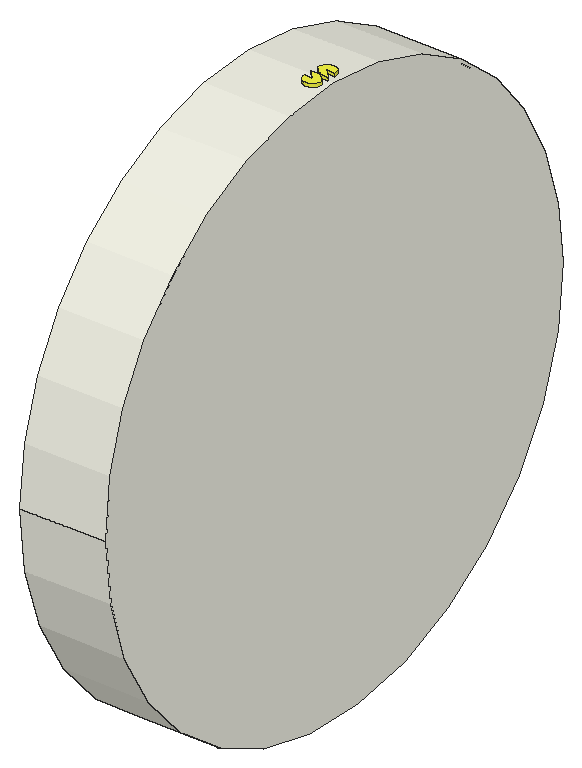
Revit family "NLRS_57_DUF_UN_instortkanaal-rond-pvc-einddeksel_LT_velu", category Duct Fittings, Revit 2020
Family settings
  Round Connector Dimension = Use Diameter
  Part Type = Cap
  Work Plane-Based = No
  Always vertical = Yes
  Cut with Voids When Loaded = No
  Shared = No
Parameters (values of type "PVC Deksel rond")
  VELU_c01_diameter [instance] = if(NLRS_M_c01_diameter > 250.00 mm, 315.00 mm, if(NLRS_M_c01_diameter > 200.00 mm, 250.00 mm, if(NLRS_M_c01_diameter > 160.00 mm, 200.00 mm, if(NLRS_M_c01_diameter > 150.00 mm, 160.00 mm, if(NLRS_M_c01_diameter > 125.00 mm, 150.00 mm, if(NLRS_M_c01_diameter > 100.00 mm, 125.00 mm, if(NLRS_M_c01_diameter > 80.00 mm, 100.00 mm, 80.00 mm)))))))  # 200.00 mm
  VELU_Werkendelengte [instance] = 0.00 mm  # constant formula
  VELU_Show_Warning [instance] = not(VELU_Correcte_Maatvoering)  # no
  VELU_Model [instance] = size_lookup(VELU_Article_Data, "Model", "NB", VELU_c01_diameter)  # "VIK PVC deksel 200"
  VELU_Koppelbus_Li1 [instance] = 30.00 mm  # constant formula
  VELU_Gewicht [instance] = size_lookup(VELU_Article_Data, "kg", 0, VELU_c01_diameter) * 1.00 kg / 100  # 0.05 kg
  VELU_Foutmelding [instance] = if(VELU_Show_Warning, "Ongeldige (instort) maatvoering!", " ")  # " "
  VELU_Correcte_Maatvoering [instance] = NLRS_M_c01_diameter = VELU_c01_diameter  # yes
  VELU_Bim-site [instance] = "https://velu.nl/bim/"
  VELU_Artikel_code [instance] = size_lookup(VELU_Article_Data, "", "NB", VELU_c01_diameter)  # "5110000300"
  VELU_Article_Data = "PVC_Deksel"  # constant formula
  built-in parameter 1114242 [instance] = 1 = 0  # (empty or 0)
  URL = "https://webshop.velu.nl/overige-woningbouw-componenten/"
  Type Comments = "Enkel geschikt voor VELU instort kanaal maten"  # constant formula
  NLRS_M_c01_diameter [instance] = 200.00 mm
  NLRS_C_model [instance] = VELU_Model  # "VIK PVC deksel 200"
  NLRS_C_description = Description  # "VELU instortkanaal: Rond PVC einddeksel"
  NLRS_C_content_versie = "3.20.01"  # constant formula
  NLRS_C_content_provider = "Velu Klimaattechnische Groothandel"  # constant formula
  NLRS_C_content_datum_gewijzigd = "19-01-2023"  # constant formula
  NLRS_C_content_creator = "J. Feeke"  # constant formula
  Model = "VIK Einddeksel rond"  # constant formula
  Manufacturer = "Velu Klimaattechnische Groothandel"  # constant formula
  Description = "VELU instortkanaal: Rond PVC einddeksel"  # constant formula
  Default Elevation = 0.00 mm
  Assembly Code = "57.00"
Reference planes
  plane 1 "Center (Front/Back)": y = 0
  plane 2: z = 0
  plane 3 "Center (Left/Right)": x = 0
  plane 4: y = 100
  plane 5: y = -100
  plane 6: y = 101.5
  plane 7: y = -101.5
  plane 8: z = 100
  plane 9: z = -100
  plane 10: z = 100.5
  plane 11: z = -100.5
  plane 12 "Left": x = -30
  plane 13: z = 40
  plane 14: z = -40
  plane 15: z = 41.5
  plane 16: z = -41.5
  plane 17: y = -1000
Forms (mm)
  Extrusion 1, solid, material "VELU_Label", not visible
    sketch origin (-547.644, -297.937, 0) x (1, 0, 0) y (0, 1, 0)
      loop
        arc (546.644, 298.937) -> (545.644, 297.937) -> (546.644, 296.937) r 1
        line (546.644, 296.937) -> (546.644, 297.937) -> (547.644, 296.937) -> (547.644, 297.937) -> (546.644, 298.937)
    from 0 to 1
  Extrusion 2, solid, material "VELU_Label", not visible
    sketch origin (0, 0, 0) x (1, 0, 0) y (0, 1, 0)
      loop
        arc (1, -1) -> (2, 0) -> (1, 1) r 1
        line (1, 1) -> (1, 0) -> (0, 1) -> (0, 0) -> (1, -1)
    from 0 to 1
  Sweep 3, solid, material "Polyvinyl Chloride, Rigid"
    path origin (0, 0, 0) x (0, 1, 0) y (0, 0, 1)
      loop
        circle (0, 0) r 100
    profile "mof : mof" origin (0, 0, 100) x (0, 0, -1) y (1, 0, 0)
      loop
        line (-0.5, 0) -> (-0.5, -30) -> (0.5, -30) -> (0.5, 0) -> (-0.5, 0)
  Extrusion 4, solid, material "Polyvinyl Chloride, Rigid"
    sketch origin (0, 0, 0) x (0, 1, 0) y (0, 0, 1)
      loop
        circle (0, 0) r 100
    from 0 to -1
Cuts and joins
  joined: Sweep 3, Extrusion 4
Dimensions and locks
  equal spacing: plane 4, plane 1 "Center (Front/Back)", plane 5
  "VELU_c01_diameter": plane 4 to plane 5
  locked: plane 6 to plane 4 at 1.5
  locked: plane 5 to plane 7 at 1.5
  "VELU_c01_diameter": plane 8 to plane 9
  locked: plane 9 to plane 11 at 0.5
  locked: plane 10 to plane 8 at 0.5
  plane 13 to plane 14 = 80.00 mm
  locked: plane 14 to plane 16 at 1.5
  locked: plane 15 to plane 13 at 1.5
  locked: plane 17 to plane 1 "Center (Front/Back)" at 1000
  equal spacing: plane 13, level, plane 14
  equal spacing: plane 8, level, plane 9
  "VELU_Koppelbus_Li1": plane 12 "Left" to plane 3 "Center (Left/Right)"
  equal spacing: plane 12 "Left", nested 3, plane 3 "Center (Left/Right)"
  locked: nested 1 to plane 3 "Center (Left/Right)" at 5
  locked: nested 2 to plane 3 "Center (Left/Right)" at 5
  "VELU_c01_diameter": diameter of Sweep 3 sketch curve
  "VELU_c01_diameter": diameter of Extrusion 4 sketch curve
  aligned and locked: level to plane 2
  aligned and locked: nested 1 to plane 10  (x2)
  aligned and locked: plane 11 to nested 2  (x2)
Automatic sketch dimensions
  plane 1 "Center (Front/Back)" to Extrusion 1 sketch curve = 0.00 mm  (x3)
  Extrusion 1 sketch curve to plane 3 "Center (Left/Right)" = 0.00 mm
  Extrusion 1 sketch curve to plane 3 "Center (Left/Right)" = 1.00 mm
  Extrusion 1 sketch curve to Extrusion 1 sketch curve = 1.00 mm  (x2)
  plane 1 "Center (Front/Back)" to Extrusion 2 sketch curve = 0.00 mm  (x3)
  Extrusion 2 sketch curve to plane 3 "Center (Left/Right)" = 0.00 mm
  plane 3 "Center (Left/Right)" to Extrusion 2 sketch curve = 1.00 mm
  Extrusion 2 sketch curve to Extrusion 2 sketch curve = 1.00 mm
  Extrusion 2 sketch curve to Extrusion 2 sketch curve = 0.00 mm
  Sweep 3 sketch curve to level = 0.00 mm
  Sweep 3 sketch curve to plane 1 "Center (Front/Back)" = 0.00 mm
  Extrusion 4 sketch curve to level = 0.00 mm
  Extrusion 4 sketch curve to plane 1 "Center (Front/Back)" = 0.00 mm
Nested families
  nested 1: "logo_single" at (-5, 0, 100.5) x (0, -1, 0) z (0, 0, 1), type "logo_single", detail levels medium+fine
  nested 2: "logo_single" at (-5, 0, -101.5) x (0, 1, 0) z (0, 0, 1), type "logo_single", detail levels medium+fine
  nested 3: "Warning_R20" at (-15, 0, 0), visible <- "VELU_Show_Warning", type "Warning_R20"
Connectors
  hvac at (-1, 0, 0), driven by "NLRS_M_c01_diameter"
    settings: on cut or joined group of Sweep 3, Extrusion 4, index 1, duct flow 0.0 L/s, flow factor 0, pres drop 0.0 Pa, loss coef 0, conn angle 0.00°, conn width 304.8 mm, conn height 304.8 mm, conn diameter 200 mm, duct sys type 28, conn prof type 0, flow config 0, flow direction 0, loss method 0, conn ref index -1, conn util no, is conn primary yes, conn desc ""
Definition of nested family "logo_single"
  Parameters (values of type "logo_single")
    t = 3.00 mm
    Model = ""
    Description = ""
    Default Elevation = 0.00 mm
  Reference planes
    plane 1 "Center (Front/Back)": y = 0
    plane 2: z = 0
    plane 3 "Center (Left/Right)": x = 0
    plane 4: x = -6
    plane 5: y = -3
    plane 6: y = 3
    plane 7: x = -3
    plane 8: x = 3
    plane 9: x = 6
  Forms (mm)
    Extrusion 1, solid
      sketch origin (-547.644, -297.937, 0) x (1, 0, 0) y (0, 1, 0)
        loop
          arc (544.644, 300.937) -> (541.644, 297.937) -> (544.644, 294.937) r 3
          line (544.644, 294.937) -> (544.644, 297.937) -> (547.644, 294.937) -> (547.644, 297.937) -> (544.644, 300.937)
      from 0 to 1
    Extrusion 2, solid
      sketch origin (0, 0, 0) x (1, 0, 0) y (0, 1, 0)
        loop
          arc (3, -3) -> (6, 0) -> (3, 3) r 3
          line (3, 3) -> (3, 0) -> (0, 3) -> (0, 0) -> (3, -3)
      from 0 to 1
  Dimensions and locks
    "t": plane 6 to plane 1 "Center (Front/Back)"
    "t": plane 5 to plane 1 "Center (Front/Back)"
    "t": plane 4 to plane 7
    "t": plane 7 to plane 3 "Center (Left/Right)"
    "t": plane 3 "Center (Left/Right)" to plane 8
    "t": plane 8 to plane 9
    aligned and locked: level to plane 2
  Automatic sketch dimensions
    plane 1 "Center (Front/Back)" to Extrusion 1 sketch curve = 0.00 mm  (x3)
    Extrusion 1 sketch curve to plane 7 = 0.00 mm
    Extrusion 1 sketch curve to plane 6 = 0.00 mm
    Extrusion 1 sketch curve to plane 3 "Center (Left/Right)" = 0.00 mm
    Extrusion 1 sketch curve to plane 5 = 0.00 mm
    Extrusion 2 sketch curve to plane 3 "Center (Left/Right)" = 0.00 mm
    plane 1 "Center (Front/Back)" to Extrusion 2 sketch curve = 0.00 mm  (x3)
    Extrusion 2 sketch curve to plane 5 = 0.00 mm
    Extrusion 2 sketch curve to plane 8 = 0.00 mm
    Extrusion 2 sketch curve to plane 6 = 0.00 mm
Definition of nested family "Warning_R20"
  Parameters (values of type "Warning_R20")
    TW = 51.60 mm * Scale  # 51.60 mm
    TH = 75.00 mm * Scale  # 75.00 mm
    Scale = 1
    CO = 50.00 mm * Scale  # 50.00 mm
    CD = 50.00 mm * Scale  # 50.00 mm
    BW = 40.00 mm * Scale  # 40.00 mm
    BH = 12.00 mm * Scale  # 12.00 mm
  Reference planes
    plane 1 "Center (Front/Back)": y = 0
    plane 2: z = 0
    plane 3 "Center (Left/Right)": x = 0
  Lines and regions (mm)
    Filled region 1, type "Solid Fill - Black", in view "Ref. Level"
      outline origin (0, 0, 0) x (1, 0, 0) y (0, 1, 0)
        loop
          line (-25.8, 75) -> (-20, -12) -> (20, -12) -> (25.8, 75) -> (-25.8, 75)
        loop
          circle (0, -50) r 25
  Dimensions and locks
    equal spacing: Filled region 1 sketch curve, plane 3 "Center (Left/Right)", Filled region 1 sketch curve  (x2)
    "TH": plane 1 "Center (Front/Back)" to Filled region 1 sketch curve
    "BH": Filled region 1 sketch curve to plane 1 "Center (Front/Back)"
    "CO": Filled region 1 sketch curve to plane 1 "Center (Front/Back)"
    "TW": Filled region 1 sketch curve to Filled region 1 sketch curve
    "BW": Filled region 1 sketch curve to Filled region 1 sketch curve
    "CD": diameter of Filled region 1 sketch curve
    aligned and locked: plane 3 "Center (Left/Right)" to Filled region 1 sketch curve
